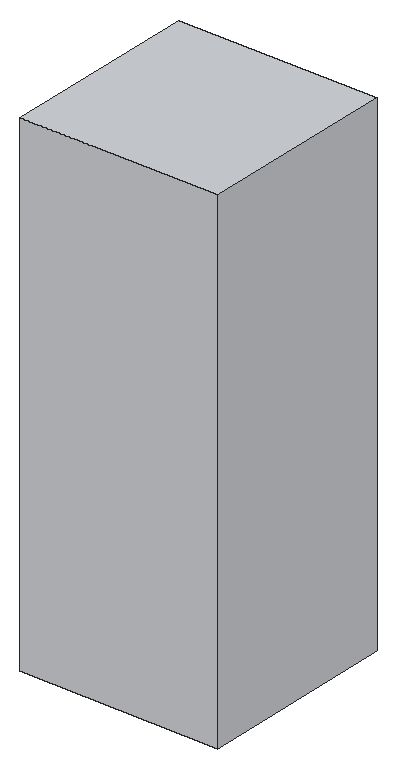
Revit family "LC-generico-Palazzi", category Modelli generici, Revit 2017
Family settings
  Può ospitare armatura = No
  Quota connettore circolare = Usa diametro
  Tipo di parte = Normale
  Basato su piano di lavoro = No
  Sempre verticale = Sì
  Taglio con vuoti quando caricato = No
  Condiviso = No
  Punto di calcolo locali = No
Parameters (values of type "Grattacielo")
  l = 20 m
  h = 50 m
  L = 20 m
Types (5, lengths in m): name | l | h | L
  (no name) | 20 | 50 | 20
  Palazzina | 10 | 9 | 10
  Grattacielo | 20 | 50 | 20
  villetta | 10 | 3 | 20
  lineaa | 10 | 12 | 40
Reference planes (m)
  plane 1 "Centro (Fronte/Retro)": y = 0
  plane 2: z = 0
  plane 3 "Centro (Sinistra/Destra)": x = 0
Forms (m)
  Extrusion 1, solid
    sketch origin (0, 0, 0) x (1, 0, 0) y (0, 1, 0)
      loop
        line (-20.480703, 0.040835) -> (-20.480703, -19.959165) -> (-0.480703, -19.959165) -> (-0.480703, 0.040835) -> (-20.480703, 0.040835)
    from 0 to 50
Dimensions and locks (m)
  "L": Extrusion 1 to Extrusion 1
  "l": Extrusion 1 to Extrusion 1
  "h": Extrusion 1 to Extrusion 1
  aligned and locked: level to plane 2
Automatic sketch dimensions
  Extrusion 1 sketch curve to plane 3 "Centro (Sinistra/Destra)" = 20.480703 m
  Extrusion 1 sketch curve to plane 3 "Centro (Sinistra/Destra)" = 0.480703 m
  plane 1 "Centro (Fronte/Retro)" to Extrusion 1 sketch curve = 19.959165 m
  Extrusion 1 sketch curve to plane 1 "Centro (Fronte/Retro)" = 0.040835 m
